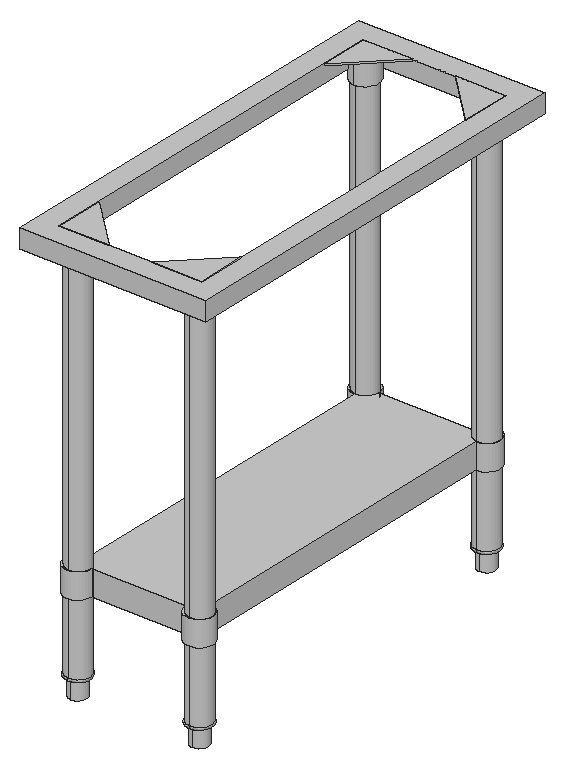
Revit family "QF_COMCATER ALL BRANDS_RCSTD3.201214112601", category Specialty Equipment, Revit 2016
Family settings
  Part Type = Normal
  Round Connector Dimension = Use Diameter
  OmniClass Number = 23.40.40.14
  OmniClass Title = Food Service Equipment
  Work Plane-Based = No
  Always vertical = Yes
  Cut with Voids When Loaded = No
  Shared = No
  Room Calculation Point = No
Parameters (values of type "RCSTD3")
  Weight = 7.80 kg
  URL Cutsheet = ""
  URL = "www.comcater.com.au"
  Status [instance] = ""
  Specification by User [instance] = ""
  Specification by Manufacturer [instance] = ""
  Serial Number = ""
  Seismic Rating = ""
  SMACNA No = ""
  Revision Code [instance] = ""
  NAFEM Spec ID Number = ""
  Model = "RCSTD3"
  Masterspec = ""
  Manufacturer = "TRUEHEAT"
  Length Actual = 300 mm
  Item Number [instance] = ""
  Installed By [instance] = ""
  Identify Quantity as Lot [instance] = no
  Height Actual = 680 mm
  Furnished By [instance] = ""
  Foodservice Equipment Identifier [instance] = no
  Description = "300MM WIDE STANDS"
  Depth Actual = 683 mm
  Cost = 0
  CSI MasterFormat = ""
  Accessory = no
Reference planes
  plane 1 "Center (Front/Back)": y = 0
  plane 2: z = 0
  plane 3 "Center (Left/Right)": x = 0
Dimensions and locks
  aligned and locked: level to plane 2
Nested families
  nested 1: "QF_COMCATER_RCSTD3" at (0, 0, 0), type "RCSTD3"
    with Length Actual 300 mm, Height Actual 680 mm, Depth Actual 683 mm
Definition of nested family "QF_COMCATER_RCSTD3"
  Parameters (values of type "RCSTD3")
    URL = "www.comcater.com.au"
    Model = "RCSTD9"
    Manufacturer = "TRUEHEAT"
    Length Actual [instance] = 300 mm
    Height Actual [instance] = 680 mm
    Description = "WIDE STANDS"
    Depth Actual [instance] = 683 mm
    Assembly Code = "E1090320"
  Reference planes
    plane 1 "Back": y = 0
    plane 2: z = 0
    plane 3 "Left": x = 0
    plane 4 "Right": x = 300
    plane 5 "Front": y = -768
    plane 6 "Top": z = 680
    plane 7 "Stand back": y = -85
    plane 8 "Legs left": x = 52
    plane 9 "Legs right": x = 248
  Forms (mm)
    Extrusion 1, solid
      sketch origin (52, -9, 150) x (1, 0, 0) y (0, 1, 0)
        loop
          line (0, -150) -> (0, -685)
          arc (0, -685) -> (-15.556, -722.556) -> (22, -707) r 22
          line (22, -707) -> (174, -707)
          arc (174, -707) -> (211.556, -722.556) -> (196, -685) r 22
          line (196, -685) -> (196, -150)
          arc (196, -150) -> (211.556, -112.444) -> (174, -128) r 22
          line (174, -128) -> (22, -128)
          arc (22, -128) -> (-15.556, -112.444) -> (0, -150) r 22
        loop
          circle (0, -707) r 19
        loop
          circle (196, -707) r 19
        loop
          circle (196, -128) r 19
        loop
          circle (0, -128) r 19
      from 0 to 40
    Revolve 2, solid
      sketch origin (52, 0, 0) x (0, -1, 0) y (0, 0, 1)
        loop
          line (137, 0) -> (137, 638) -> (118, 638) -> (118, 33)
          arc (118, 33) -> (116.5, 31.5) -> (118, 30) r 1.5
          line (118, 30) -> (123, 30) -> (123, 0) -> (137, 0)
        axis (137, 0) -> (137, 638)
      angle from 0 to 360
    Revolve 3, solid
      sketch origin (52, 0, 0) x (0, -1, 0) y (0, 0, 1)
        loop
          line (716, 0) -> (716, 638) -> (697, 638) -> (697, 33)
          arc (697, 33) -> (695.5, 31.5) -> (697, 30) r 1.5
          line (697, 30) -> (702, 30) -> (702, 0) -> (716, 0)
        axis (716, 0) -> (716, 638)
      angle from 0 to 360
    Extrusion 4, solid
      sketch origin (0, 0, 680) x (0, 1, 0) y (-1, 0, 0)
        loop
          line (-120, -265) -> (-120, -35) -> (-733, -35) -> (-733, -265) -> (-120, -265)
        loop
          line (-85, -300) -> (-85, 0) -> (-768, 0) -> (-768, -300) -> (-85, -300)
      from 0 to -30
    Extrusion 5, solid
      sketch origin (0, 0, 680) x (0, 1, 0) y (-1, 0, 0)
        loop
          line (-120, -35) -> (-200, -35) -> (-120, -115) -> (-120, -35)
        loop
          line (-120, -265) -> (-120, -185) -> (-200, -265) -> (-120, -265)
        loop
          line (-733, -35) -> (-733, -115) -> (-653, -35) -> (-733, -35)
        loop
          line (-733, -265) -> (-653, -265) -> (-733, -185) -> (-733, -265)
      from 0 to -3
    Revolve 6, solid
      sketch origin (248, 0, 0) x (0, -1, 0) y (0, 0, 1)
        loop
          line (137, 0) -> (137, 638) -> (118, 638) -> (118, 33)
          arc (118, 33) -> (116.5, 31.5) -> (118, 30) r 1.5
          line (118, 30) -> (123, 30) -> (123, 0) -> (137, 0)
        axis (137, 0) -> (137, 638)
      angle from 0 to 360
    Revolve 7, solid
      sketch origin (248, 0, 0) x (0, -1, 0) y (0, 0, 1)
        loop
          line (716, 0) -> (716, 638) -> (697, 638) -> (697, 33)
          arc (697, 33) -> (695.5, 31.5) -> (697, 30) r 1.5
          line (697, 30) -> (702, 30) -> (702, 0) -> (716, 0)
        axis (716, 0) -> (716, 638)
      angle from 0 to 360
    Extrusion 8, solid
      sketch origin (0, 100, 680) x (0, 1, 0) y (-1, 0, 0)
        loop
          circle (-816, -52) r 22
        loop
          circle (-816, -248) r 22
        loop
          circle (-237, -248) r 22
        loop
          circle (-237, -52) r 22
      from -3 to -42
  Lines and regions (mm)
    symbolic lines
      curve 1: line (0, -85, 0) -> (300, -85, 0)
      curve 2: line (300, -85, 0) -> (300, -768, 0)
      curve 3: line (300, -768, 0) -> (0, -768, 0)
      curve 4: line (0, -768, 0) -> (0, -85, 0)
  Dimensions and locks
    plane 1 "Back" to plane 5 "Front" = 768 mm
    "Height Actual": plane 6 "Top" to level
    "Length Actual": plane 3 "Left" to plane 4 "Right"
    plane 4 "Right" to plane 3 "Left" = 300 mm
    plane 6 "Top" to level = 680 mm
    "Depth Actual": plane 7 "Stand back" to plane 5 "Front"
    locked: plane 7 "Stand back" to plane 1 "Back" at 85
    locked: plane 3 "Left" to plane 8 "Legs left" at 52
    locked: plane 9 "Legs right" to plane 4 "Right" at 52
    aligned and locked: level to plane 2
  Automatic sketch dimensions
    curve 4 to plane 3 "Left" = 0 mm
    curve 3 to plane 4 "Right" = 0 mm
    curve 3 to plane 5 "Front" = 0 mm
    curve 2 to plane 7 "Stand back" = 0 mm
    Extrusion 1 sketch curve to Extrusion 1 sketch curve = 0 mm  (x8)
    Extrusion 1 sketch curve to plane 8 "Legs left" = 0 mm
    Extrusion 1 sketch curve to plane 9 "Legs right" = 0 mm
    Extrusion 1 sketch curve to Extrusion 1 sketch curve = 22 mm  (x3)
    plane 9 "Legs right" to Extrusion 1 sketch curve = 22 mm
    plane 5 "Front" to Extrusion 1 sketch curve = 52 mm
    Extrusion 1 sketch curve to plane 7 "Stand back" = 74 mm
    Revolve 2 sketch curve to level = 0 mm
    Revolve 2 sketch curve to plane 7 "Stand back" = 33 mm
    Revolve 2 sketch curve to Revolve 2 sketch curve = 5 mm
    Revolve 2 sketch curve to plane 6 "Top" = 42 mm
    Revolve 2 sketch curve to Revolve 2 sketch curve = 19 mm
    level to Revolve 2 sketch curve = 30 mm
    Revolve 2 sketch curve to Revolve 2 sketch curve = 1.5 mm
    Revolve 2 sketch curve to plane 7 "Stand back" = 52 mm
    Revolve 2 sketch curve to Revolve 2 sketch curve = 13 mm
    plane 6 "Top" to Revolve 2 sketch curve = 15 mm
    Revolve 3 sketch curve to level = 0 mm
    level to Revolve 3 sketch curve = 31.5 mm
    plane 5 "Front" to Revolve 3 sketch curve = 71 mm
    Revolve 3 sketch curve to Revolve 3 sketch curve = 5 mm
    Revolve 3 sketch curve to plane 6 "Top" = 42 mm
    Revolve 3 sketch curve to Revolve 3 sketch curve = 19 mm
    Revolve 3 sketch curve to Revolve 3 sketch curve = 1.5 mm
    Revolve 3 sketch curve to Revolve 3 sketch curve = 0 mm
    Revolve 3 sketch curve to Revolve 3 sketch curve = 13 mm
    plane 6 "Top" to Revolve 3 sketch curve = 15 mm
    Extrusion 4 sketch curve to plane 4 "Right" = 0 mm
    Extrusion 4 sketch curve to plane 5 "Front" = 0 mm
    Extrusion 4 sketch curve to plane 7 "Stand back" = 0 mm
    Extrusion 4 sketch curve to plane 3 "Left" = 0 mm
    Extrusion 4 sketch curve to plane 9 "Legs right" = 17 mm
    plane 5 "Front" to Extrusion 4 sketch curve = 35 mm
    Extrusion 4 sketch curve to plane 7 "Stand back" = 35 mm
    plane 8 "Legs left" to Extrusion 4 sketch curve = 17 mm
    plane 8 "Legs left" to Extrusion 5 sketch curve = 17 mm  (x2)
    plane 5 "Front" to Extrusion 5 sketch curve = 35 mm  (x2)
    Extrusion 5 sketch curve to plane 9 "Legs right" = 17 mm  (x2)
    Extrusion 5 sketch curve to Extrusion 5 sketch curve = 80 mm  (x2)
    Extrusion 5 sketch curve to plane 7 "Stand back" = 115 mm  (x2)
    Extrusion 5 sketch curve to plane 7 "Stand back" = 35 mm  (x2)
    plane 9 "Legs right" to Extrusion 5 sketch curve = 63 mm  (x2)
    Extrusion 5 sketch curve to plane 8 "Legs left" = 63 mm  (x2)
    Revolve 6 sketch curve to level = 0 mm
    Revolve 6 sketch curve to plane 7 "Stand back" = 33 mm
    Revolve 6 sketch curve to Revolve 6 sketch curve = 5 mm
    Revolve 6 sketch curve to plane 6 "Top" = 42 mm
    Revolve 6 sketch curve to Revolve 6 sketch curve = 19 mm
    level to Revolve 6 sketch curve = 30 mm
    Revolve 6 sketch curve to Revolve 6 sketch curve = 1.5 mm
    Revolve 6 sketch curve to plane 7 "Stand back" = 52 mm
    Revolve 6 sketch curve to Revolve 6 sketch curve = 13 mm
    plane 6 "Top" to Revolve 6 sketch curve = 15 mm
    Revolve 7 sketch curve to level = 0 mm
    level to Revolve 7 sketch curve = 31.5 mm
    plane 5 "Front" to Revolve 7 sketch curve = 71 mm
    Revolve 7 sketch curve to Revolve 7 sketch curve = 5 mm
    Revolve 7 sketch curve to plane 6 "Top" = 42 mm
    Revolve 7 sketch curve to Revolve 7 sketch curve = 19 mm
    Revolve 7 sketch curve to Revolve 7 sketch curve = 1.5 mm
    Revolve 7 sketch curve to Revolve 7 sketch curve = 0 mm
    Revolve 7 sketch curve to Revolve 7 sketch curve = 13 mm
    plane 6 "Top" to Revolve 7 sketch curve = 15 mm
    Extrusion 8 sketch curve to plane 8 "Legs left" = 0 mm  (x2)
    Extrusion 8 sketch curve to plane 9 "Legs right" = 0 mm  (x2)
    Extrusion 8 sketch curve to plane 7 "Stand back" = 52 mm  (x2)
    plane 5 "Front" to Extrusion 8 sketch curve = 52 mm  (x2)
    radius of Extrusion 1 sketch curve = 19 mm  (x4)
    radius of Extrusion 8 sketch curve = 22 mm  (x4)
